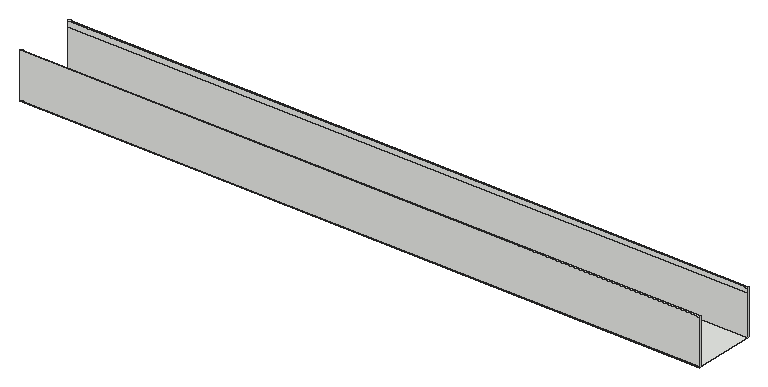
Revit family "PR680", category Mechanical Equipment, Revit 2018
Family settings
  Round Connector Dimension = Use Diameter
  Part Type = Normal
  OmniClass Number = 23.75.00.00
  OmniClass Title = Climate Control (HVAC)
  Work Plane-Based = No
  Always vertical = Yes
  Cut with Voids When Loaded = No
  Shared = No
  Room Calculation Point = No
Parameters (values of type "ISOLAMIN PR680 flashing")
  URL = "http://www.isolamin.se/"
  Thickness = "0.7 mm (Different thicknesses are available on request) \r\n0.7 mm (Different thicknesses are available on request) \r\n0.7 mm (Different thicknesses are available on request)"
  Profile Length = 1180 mm
  Model = "PR680"
  Material = "Galvanized Steel"
  Manufacturer = "ISOLAMIN AB"
  Edition = "1.0 (2018)"
Reference planes
  plane 1 "Center (Front/Back)": y = 0
  plane 2: z = 0
  plane 3 "Center (Left/Right)": x = 0
  plane 4: y = -1284.913
  plane 5: x = 1180
Forms (mm)
  Extrusion 1, solid, material "ISOLAMIN Surface Profile Material"
    sketch origin (0, 0, 0) x (0, 1, 0) y (0, 0, 1)
      loop
        arc (-105, 1) -> (-104.707, 0.293) -> (-104, 0) r 1
        line (-104, 0) -> (-1, 0)
        arc (-1, 0) -> (-0.293, 0.293) -> (0, 1) r 1
        line (0, 1) -> (0, 79.256)
        arc (0, 79.256) -> (-1, 80) -> (-2, 79.256) r 1.044
        line (-2, 79.256) -> (-2, 70.7) -> (-1, 70.7) -> (-1, 1) -> (-104, 1) -> (-104, 70.7) -> (-103, 70.7) -> (-103, 79.256)
        arc (-103, 79.256) -> (-104, 80) -> (-105, 79.256) r 1.044
        line (-105, 79.256) -> (-105, 1)
    from 0 to 1180
Dimensions and locks
  "Profile Length": plane 3 "Center (Left/Right)" to plane 5
  aligned and locked: level to plane 2
  aligned and locked: plane 5 to Extrusion 1
Automatic sketch dimensions
  Extrusion 1 sketch curve to level = 0 mm
  Extrusion 1 sketch curve to plane 1 "Center (Front/Back)" = 0 mm
  plane 1 "Center (Front/Back)" to Extrusion 1 sketch curve = 1 mm  (x3)
  Extrusion 1 sketch curve to Extrusion 1 sketch curve = 1 mm  (x4)
  Extrusion 1 sketch curve to Extrusion 1 sketch curve = 101 mm
  level to Extrusion 1 sketch curve = 1 mm
  Extrusion 1 sketch curve to Extrusion 1 sketch curve = 0 mm
  Extrusion 1 sketch curve to Extrusion 1 sketch curve = 69.7 mm  (x2)
  Extrusion 1 sketch curve to Extrusion 1 sketch curve = 8.256 mm  (x2)
  Extrusion 1 sketch curve to Extrusion 1 sketch curve = 0.3 mm  (x2)
